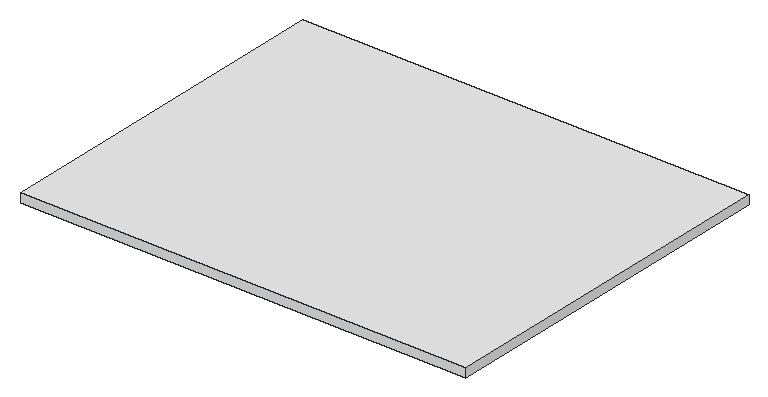
Revit family "Countertop-60cm-WithoutFaucetHole-Vitra-OriginSeries-65757+65758+65759", category Furniture Systems, host Face, Revit 2017
Family settings
  Host = Face
  Round Connector Dimension = Use Diameter
  Part Type = Normal
  OmniClass Number = 23.40.00.00
  OmniClass Title = Equipment and Furnishings
  Cut with Voids When Loaded = No
  Shared = Yes
  Room Calculation Point = No
Parameters (values of type "Countertop-60cm-WithoutFaucetHole-Vitra-OriginSeries-65757")
  Youtube = "https://www.youtube.com/user/VitrAglobal"
  Weight Net (kg) = ""
  Warranty Period (Year) = "2"
  Uniformat II Description = "INTERIOR FINISHES"
  Uniformat II Code = "C30"
  Uniclass 2015 Name = "Counter tops"
  Uniclass 2015 Code = "Pr_40_30_30_18"
  Uniclass 2.0 Description = "Counter Tops"
  Uniclass 2.0 Code = "PR-35-12-18"
  Uniclass 1.4 Description = "Counters"
  Uniclass 1.4 Code = "L8571"
  URL = "https://vitraglobal.com/"
  UNSPSC Description = ""
  UNSPSC Code = ""
  Technical description = "https://www.vitraglobal.com/pdf/65757/"
  Tap hole Options (default) = ""
  Specification = ""
  Region South America = "All"
  Region Oceania = "All"
  Region North America = "All"
  Region Middle East = "All"
  Region Europe = "All"
  Region Asia = "All"
  Region Antarctica = "All"
  Region Africa = "All"
  Product url = "https://www.vitraglobal.com/bathroom-furniture/counters/standard-workbenches/origin-top-counter-sku-65757/"
  Product manual = ""
  Product group = "Counters - Standard Workbenches - Top Counter\r\n>"
  Product family = "Origin"
  Product data url = ""
  Product certification = "https://www.vitraglobal.com/brochures/"
  Product SKU = "65757"
  Product Guid = "https://www.vitraglobal.com/uyeIslem/fileDownload.aspx?udkEnc=VIxQHgqNBxhhrRIf2PDOJdahEfortS/BFNqsQfO+jmxQd9tYhyEyqfh7pADer6SZbj4Th2kyAOC/+dKBP/SAag==&lang=en-US"
  Primary Material = White Glass
  OmniClass Description = "Casework Component Work Surfaces"
  OmniClass Code = "23-21 19 17"
  Nominal Width (mm) = 605 mm
  Nominal Height (mm) = 12 mm
  Nominal Depth (mm) = 480 mm
  NBS Referans Description = "Counter Tops"
  NBS Referans Code = "35-12-18"
  Mounting type = "Top Counter"
  Model = "65757"
  Masterformat 2014 Description = "Countertops"
  Masterformat 2014 Code = "12 36 00"
  Manufacturer name = "VitrA"
  Manufacturer = "VitrA"
  Main Material = "Glass"
  Installation instructions = "https://www.vitraglobal.com/uyeIslem/fileDownload.aspx?udkEnc=C/iAmyVRvNMUkkoIgiBXf06cesr1KzDfV0Mkmj45cXuH/lPg+oIw2j4qaZECnDUe2fLaeEyDbSirfWed0cIh2Q==&lang=en-US"
  IFC Classification = "Furnishing Element"
  EAN code = ""
  Design country = "Turkey"
  Description = "Origin Top counter - without faucet hole - 60cm - White"
  Default Elevation = 850 mm
  Color = "White"
  COBIe Type Category = ""
  Brand = "VitrA"
  BIMobject category = "Countertops"
  Article No. (default) = "65757"
  Accessories (default) = ""
Types (3, lengths in mm): name | Technical description | Product url | Product SKU | Product Guid | Primary Material | Nominal Width (mm) | Model | Installation instructions | Description | Color | Article No. (default)
  Countertop-60cm-WithoutFaucetHole-Vitra-OriginSeries-65757 | "https://www.vitraglobal.com/pdf/65757/" | "https://www.vitraglobal.com/bathroom-furniture/counters/standard-workbenches/origin-top-counter-sku-65757/" | "65757" | "https://www.vitraglobal.com/uyeIslem/fileDownload.aspx?udkEnc=VIxQHgqNBxhhrRIf2PDOJdahEfortS/BFNqsQfO+jmxQd9tYhyEyqfh7pADer6SZbj4Th2kyAOC/+dKBP/SAag==&lang=en-US" | White Glass | 605 | "65757" | "https://www.vitraglobal.com/uyeIslem/fileDownload.aspx?udkEnc=C/iAmyVRvNMUkkoIgiBXf06cesr1KzDfV0Mkmj45cXuH/lPg+oIw2j4qaZECnDUe2fLaeEyDbSirfWed0cIh2Q==&lang=en-US" | "Origin Top counter - without faucet hole - 60cm - White" | "White" | "65757"
  Countertop-60cm-WithoutFaucetHole-Vitra-OriginSeries-65758 | "https://www.vitraglobal.com/pdf/65758/" | "https://www.vitraglobal.com/bathroom-furniture/counters/standard-workbenches/origin-top-counter-sku-65758/" | "65758" | "https://www.vitraglobal.com/uyeIslem/fileDownload.aspx?udkEnc=yWxoU29cTqDt1Eh+w57VpOx3vpQdLBFz/hgnk1U+xjk/m2Krq97uVrXmJ+MJaTmYIDBD+bfb53jxQAyZAbM+Zw==&lang=en-US" | Black Glass | 905 | "65758" | "https://www.vitraglobal.com/uyeIslem/fileDownload.aspx?udkEnc=ukNvvupabdkmesvD5tBlO3qcyDrWt4HRGR5kqgXGZDl4qUjOUiZNKE2UdtNXjPPB/1r0jSwJcuf2s50ZCvuOxg==&lang=en-US" | "Origin Top counter - without faucet hole 60cm - Black" | "Black" | "65758"
  Countertop-90cm-WithoutFaucetHole-Vitra-OriginSeries-65759 | "https://www.vitraglobal.com/pdf/65759/" | "https://www.vitraglobal.com/bathroom-furniture/counters/standard-workbenches/origin-top-counter-sku-65759/" | "65759" | "https://www.vitraglobal.com/uyeIslem/fileDownload.aspx?udkEnc=prtTpFdgPcn9z7jVA+bnG5MRaScrXu2wdugLP7YGJgpBvsfDxYXmmEUIFNegacjp0BpxiXWHaoYsojEPLGCI8A==&lang=en-US" | Neolith | 905 | "65759" | "https://www.vitraglobal.com/uyeIslem/fileDownload.aspx?udkEnc=rGV6buMgS1G74WH1rplkDEGauoUhY7wewpkvo6+OyYZ5WbH17+5Wjn03CDIYIYEb5o9utHUSdl5If9qtZHUwww==&lang=en-US" | "Origin Top counter - without faucet hole 60cm - Neolith" | "Neolith" | "65759"
Reference planes
  plane 1 "Center (Front/Back)": y = 0
  plane 2: z = 0
  plane 3 "Center (Left/Right)": x = 141.23
  plane 4: x = 443.73
  plane 5: x = -161.27
  plane 6: y = 240
  plane 7: y = -240
  plane 8: z = -838
  plane 9: z = 12
Forms (mm)
  Extrusion 1, solid, detail levels coarse
    sketch origin (0, 0, 0) x (1, 0, 0) y (0, 1, 0)
      loop
        line (443.73, 240) -> (-161.27, 240) -> (-161.27, -240) -> (443.73, -240) -> (443.73, 240)
    from 0 to 12
  Extrusion 2, solid, material "White Glass" <- "Primary Material", detail levels medium+fine
    sketch origin (0, 0, 0) x (1, 0, 0) y (0, 1, 0)
      loop
        line (443.73, 240) -> (-161.27, 240) -> (-161.27, -240) -> (443.73, -240) -> (443.73, 240)
    from 0 to 12
Dimensions and locks
  "Nominal Width (mm)": plane 5 to plane 4
  "Nominal Depth (mm)": plane 6 to plane 7
  plane 9 to plane 8 = 850 mm
  "Nominal Height (mm)": plane 9 to host face
  equal spacing: plane 5, plane 3 "Center (Left/Right)", plane 4
  aligned and locked: plane 2 to host face
  aligned and locked: level to host face
Automatic sketch dimensions
  host sketch curve to host sketch curve = 2438.4 mm  (x2)
  Extrusion 1 sketch curve to plane 5 = 0 mm
  Extrusion 1 sketch curve to plane 4 = 0 mm
  Extrusion 1 sketch curve to plane 7 = 0 mm
  Extrusion 1 sketch curve to plane 6 = 0 mm
  Extrusion 2 sketch curve to plane 5 = 0 mm
  Extrusion 2 sketch curve to plane 4 = 0 mm
  Extrusion 2 sketch curve to plane 7 = 0 mm
  Extrusion 2 sketch curve to plane 6 = 0 mm
